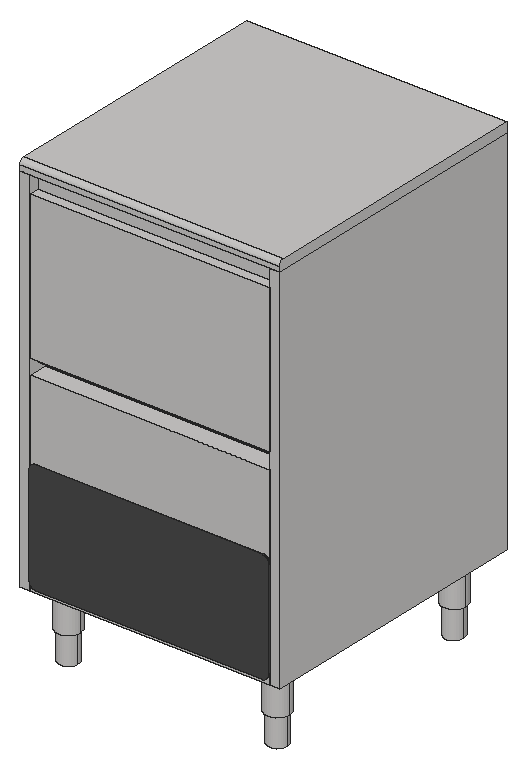
Revit family "QF_ZANUSSI_730322_ICB55I25SDP", category Attrezzature speciali, Revit 2018
Family settings
  Quota connettore circolare = Usa diametro
  Tipo di parte = Normale
  Basato su piano di lavoro = No
  Sempre verticale = Sì
  Taglio con vuoti quando caricato = No
  Condiviso = No
  Punto di calcolo locali = No
Parameters (values of type "Standard")
  Weight = 56.00 kg
  Watts = 0 W
  Volts = 220 V
  URL Manufacturer = "http://www.zanussiprofessional.com"
  URL = "http://www.zanussiprofessional.com"
  Steam Supply Size = 0 mm
  Steam Supply Minimum Pressure = 0.0 Pa
  Steam Supply Maximum Pressure = 0.0 Pa
  Steam Pounds per Hour = 0
  Show Logo [instance] = yes
  Show Clearance [instance] = yes
  Refrigeration Suction Line Size = 0 mm
  Refrigeration Liquid Line Size = 0 mm
  Refrigerant Compressor Remote = yes
  Produttore = "Zanussi"
  Phase = 1
  Modello = "ICB55I25SDP"
  Length Actual = 535 mm  # constant formula
  Item Number = "730322"
  Hot Water Size = 0 mm
  Height Actual = 894 mm  # constant formula
  HP = "0 HP"
  Gas Size = 0 mm
  Gas KW = 0
  Gas Input Pressure = 0 W
  Descrizione = "AIR COOLED ICE CUBER 22GR 55KG/24H-BIN 25KG DRAIN PUMP"
  Depth Actual = 595 mm  # constant formula
  Cycle = 50 Hz
  Condensate Return Size = 0 mm
  Compressed Air Volume = 0.0 L/s
  Compressed Air Size = 0 mm
  Compressed Air Pressure = 0.0 Pa
  Cold Water Size = 19.05 mm
  Accessory = yes
Reference planes
  plane 1 "Center X": y = 272.851
  plane 2: z = 0
  plane 3 "Center Y": x = -501.5
  plane 4 "LEFT": x = -769
  plane 5 "RIGHT": x = -234
  plane 6 "FRONT": y = -19.649
  plane 7 "BACK": y = 565.351
  plane 8: z = 143
  plane 9: z = 932
  plane 10: z = 912
  plane 11: x = -749
  plane 12: x = -254
  plane 13: y = 20.351
Forms (mm)
  Extrusion 1, solid, material "QF_Finishes_Black"
    sketch origin (-217.296, -19.649, 371.513) x (-1, 0, 0) y (0, 0, -1)
      loop
        arc (516.704, -9.487) -> (527.311, -5.093) -> (531.704, 5.513) r 15
        line (531.704, 5.513) -> (531.704, 206.469)
        arc (531.704, 206.469) -> (527.311, 217.075) -> (516.704, 221.469) r 15
        line (516.704, 221.469) -> (51.704, 221.469)
        arc (51.704, 221.469) -> (41.097, 217.075) -> (36.704, 206.469) r 15
        line (36.704, 206.469) -> (36.704, 5.513)
        arc (36.704, 5.513) -> (41.097, -5.093) -> (51.704, -9.487) r 15
        line (51.704, -9.487) -> (516.704, -9.487)
    from 0 to 2
  Extrusion 2, solid, material "QF_Finishes_Stainless Steel"
    sketch origin (-501.5, 0, 0) x (0, 1, 0) y (0, 0, 1)
      loop
        line (565.351, 912) -> (565.351, 932) -> (-9.649, 932)
        arc (-9.649, 932) -> (-16.72, 929.071) -> (-19.649, 922) r 10
        line (-19.649, 922) -> (-19.649, 912) -> (565.351, 912)
    from -267.5 to 267.5
  Extrusion 3, solid, material "QF_Finishes_Stainless Steel"
    sketch origin (-354.7, 565.351, -329.545) x (1, 0, 0) y (0, 0, -1)
      loop
        circle (53.2, -643.545) r 10
    from 0 to 10
  Extrusion 4, solid, material "QF_Finishes_Stainless Steel"
    sketch origin (0, 0, 0) x (1, 0, 0) y (0, 1, 0)
      loop
        line (-769, 565.351) -> (-769, -19.649) -> (-749, -19.649) -> (-749, 565.351) -> (-769, 565.351)
    from 143 to 912
  Extrusion 5, solid, material "QF_Finishes_Stainless Steel"
    sketch origin (0, 0, 0) x (1, 0, 0) y (0, 1, 0)
      loop
        line (-254, 565.351) -> (-254, -19.649) -> (-234, -19.649) -> (-234, 565.351) -> (-254, 565.351)
    from 143 to 912
  Extrusion 6, solid, material "QF_Finishes_Stainless Steel"
    sketch origin (0, 0, 0) x (1, 0, 0) y (0, 1, 0)
      loop
        line (-749, 565.351) -> (-749, 20.351) -> (-254, 20.351) -> (-254, 565.351) -> (-749, 565.351)
    from 143 to 912
  Extrusion 7, solid, material "QF_Finishes_Stainless Steel"
    sketch origin (0, 0, 0) x (1, 0, 0) y (0, 1, 0)
      loop
        line (-749, -19.649) -> (-254, -19.649) -> (-254, 20.351) -> (-749, 20.351) -> (-749, -19.649)
    from 143 to 541.146
  Extrusion 8, solid, material "QF_Finishes_Stainless Steel"
    sketch origin (-501.5, 0, 0) x (0, 1, 0) y (0, 0, 1)
      loop
        line (20.351, 912) -> (0.351, 912) -> (0.351, 876) -> (-19.649, 876) -> (-19.649, 572.768) -> (0.351, 572.768) -> (0.351, 557) -> (20.351, 557) -> (20.351, 912)
    from -247.5 to 247.5
  Extrusion 9, solid, material "QF_Finishes_Stainless Steel"
    sketch origin (-337.2, 565.351, -440.545) x (1, 0, 0) y (0, 0, -1)
      loop
        circle (53.2, -643.545) r 10
    from 0 to 10
  Extrusion 10, solid, material "QF_Finishes_Stainless Steel"
    sketch origin (-397.7, 565.351, -361.545) x (1, 0, 0) y (0, 0, -1)
      loop
        circle (53.2, -643.545) r 10
    from 0 to 10
Lines and regions (mm)
  Split face 1
    outline origin (-501.5, 0.351, 912) x (0, 0, -1) y (1, 0, 0)
      loop
        line (5.715, 124.928) -> (30.715, 124.928) -> (30.715, 164.928) -> (5.715, 164.928) -> (5.715, 124.928)
  symbolic lines
    curve 1: line (-769, 565.351, 0) -> (-234, 565.351, 0)
    curve 2: line (-769, -19.649, 0) -> (-769, 565.351, 0)
    curve 3: line (-234, -19.649, 0) -> (-769, -19.649, 0)
    curve 4: line (-234, 565.351, 0) -> (-234, -19.649, 0)
Dimensions and locks
  equal spacing: plane 4 "LEFT", plane 3 "Center Y", plane 5 "RIGHT"
  plane 4 "LEFT" to plane 5 "RIGHT" = 535 mm
  equal spacing: plane 7 "BACK", plane 1 "Center X", plane 6 "FRONT"
  plane 7 "BACK" to plane 6 "FRONT" = 585 mm
  plane 8 to plane 2 = 143 mm
  plane 9 to plane 8 = 789 mm
  locked: plane 4 "LEFT" to plane 11 at 20
  locked: plane 12 to plane 5 "RIGHT" at 20
  locked: plane 9 to plane 10 at 20
  locked: plane 13 to plane 6 "FRONT" at 40
  aligned and locked: level to plane 2
  aligned and locked: plane 5 "RIGHT" to Extrusion 2
  aligned and locked: Extrusion 2 to plane 4 "LEFT"
  aligned and locked: Extrusion 4 sketch curve to Extrusion 2  (x2)
  aligned and locked: plane 6 "FRONT" to Extrusion 4 sketch curve
  aligned and locked: Extrusion 4 sketch curve to plane 11
  aligned and locked: Extrusion 5 sketch curve to plane 7 "BACK"
  aligned and locked: plane 12 to Extrusion 5 sketch curve
  aligned and locked: Extrusion 5 sketch curve to Extrusion 2  (x2)
  aligned and locked: plane 10 to Extrusion 4
  aligned and locked: plane 10 to Extrusion 5
  aligned and locked: Extrusion 4 to plane 8
  aligned and locked: Extrusion 5 to plane 8
  aligned and locked: Extrusion 6 sketch curve to Extrusion 4
  aligned and locked: Extrusion 4 to Extrusion 6 sketch curve
  aligned and locked: plane 13 to Extrusion 6 sketch curve
  aligned and locked: Extrusion 6 sketch curve to plane 12
  aligned and locked: plane 10 to Extrusion 6
  aligned and locked: Extrusion 6 to plane 8
  aligned and locked: Extrusion 4 to Extrusion 7 sketch curve
  aligned and locked: Extrusion 7 sketch curve to Extrusion 4
  aligned and locked: plane 13 to Extrusion 7 sketch curve
  aligned and locked: plane 12 to Extrusion 7 sketch curve
  aligned and locked: Extrusion 7 to plane 8
  aligned and locked: plane 12 to Extrusion 8
  aligned and locked: Extrusion 8 to plane 11
Automatic sketch dimensions
  curve 3 to plane 4 "LEFT" = 0 mm
  curve 3 to plane 5 "RIGHT" = 0 mm
  curve 3 to plane 6 "FRONT" = 0 mm
  curve 2 to plane 7 "BACK" = 0 mm
  Extrusion 1 sketch curve to plane 12 = 0 mm
  plane 8 to Extrusion 1 sketch curve = 7.044 mm
  Extrusion 1 sketch curve to Extrusion 1 sketch curve = 15 mm  (x3)
  plane 11 to Extrusion 1 sketch curve = 15 mm  (x2)
  Extrusion 1 sketch curve to Extrusion 1 sketch curve = 200.956 mm
  Extrusion 2 sketch curve to plane 6 "FRONT" = 0 mm
  Extrusion 2 sketch curve to plane 9 = 0 mm
  Extrusion 2 sketch curve to plane 7 "BACK" = 0 mm
  Extrusion 2 sketch curve to plane 10 = 0 mm
  plane 6 "FRONT" to Extrusion 2 sketch curve = 10 mm
  Extrusion 6 to Extrusion 3 sketch curve = 171 mm
  Extrusion 3 sketch curve to Extrusion 6 = 47.5 mm
  Extrusion 8 sketch curve to plane 6 "FRONT" = 0 mm
  Extrusion 8 sketch curve to plane 10 = 0 mm
  Extrusion 8 sketch curve to plane 13 = 0 mm
  plane 6 "FRONT" to Extrusion 8 sketch curve = 20 mm  (x2)
  Extrusion 8 sketch curve to plane 10 = 36 mm
  Extrusion 8 sketch curve to Extrusion 8 sketch curve = 303.232 mm
  Extrusion 8 sketch curve to Extrusion 8 sketch curve = 15.768 mm
  Split face 1 sketch curve to Extrusion 8 = 5.715 mm
  Extrusion 8 to Split face 1 sketch curve = 5.285 mm
  Split face 1 sketch curve to Extrusion 8 = 122.572 mm
  Split face 1 sketch curve to Split face 1 sketch curve = 40 mm
  Extrusion 9 sketch curve to Extrusion 6 = 30 mm
  Extrusion 6 to Extrusion 9 sketch curve = 60 mm
  Extrusion 10 sketch curve to Extrusion 6 = 90.5 mm
  Extrusion 6 to Extrusion 10 sketch curve = 139 mm
  radius of Extrusion 3 sketch curve = 10 mm
  radius of Extrusion 9 sketch curve = 10 mm
  radius of Extrusion 10 sketch curve = 10 mm
Nested families
  nested 1: "Foot_Complete" at (-717, 40.351, 0), type "Foot_Complete"
    with H 143 mm
  nested 2: "Foot_Complete" at (-286, 40.351, 0) x (-1, 0, 0) z (0, 0, 1), type "Foot_Complete"
    with H 143 mm
  nested 3: "Foot_Complete" at (-717, 494.351, 0), type "Foot_Complete"
    with H 143 mm
  nested 4: "Foot_Complete" at (-286, 494.351, 0) x (-1, 0, 0) z (0, 0, 1), type "Foot_Complete"
    with H 143 mm
Connectors
  electrical at (-284, 575.351, 203), driven by "Volts"
    settings: on Extrusion 9, index 1, voltage 220 V, apparent load 0 VA, apparent load phase1 0 VA, apparent load phase2 0 VA, apparent load phase3 0 VA, power factor 1, load classification "Altro", number of poles 1, system type 30, power factor state 1, is connector primary yes, connector utility no, sub classification motor no, connector description "Electrical Connection"
  piping at (-301.5, 575.351, 314), diameter 20
    settings: on Extrusion 3, index 2, connector inside diameter 609.6 mm, connector length 0 mm, flow factor 0, pipe flow 0.0 L/s, pressure drop 0.0 Pa, fitting loss kfactor 0, connector angle 0.00°, fixture units 0, engagement length 0 mm, angle of deflection 0.00°, flow configuration 0, flow direction 0, fitting loss method 0, system type 20, joint type 0, gender type 0, connector reference index -1, connector utility 0, adjustable connector no, is connector primary yes, connector description "Cold water"
  piping at (-344.5, 575.351, 282), diameter 20
    settings: on Extrusion 10, index 3, connector inside diameter 609.6 mm, connector length 0 mm, flow factor 0, pipe flow 0.0 L/s, pressure drop 0.0 Pa, fitting loss kfactor 0, connector angle 0.00°, fixture units 0, engagement length 0 mm, angle of deflection 0.00°, flow configuration 0, flow direction 0, fitting loss method 0, system type 16, joint type 0, gender type 0, connector reference index -1, connector utility 0, adjustable connector no, is connector primary no, connector description "Drain"
Definition of nested family "Foot_Complete"
  Parameters (values of type "Foot_Complete")
    R = 25 mm
    H = 153 mm
  Reference planes
    plane 1 "Centro (Fronte/Retro)": y = 0
    plane 2: z = 0
    plane 3 "Centro (Sinistra/Destra)": x = 0
    plane 4: z = 153
  Forms (mm)
    Revolve 1, solid
      sketch origin (255.05, 0, 608.09) x (0, 0, 1) y (-1, 0, 0)
        loop
          line (-608.09, 255.05) -> (-608.09, 235.05) -> (-548.09, 235.05) -> (-548.09, 230.05) -> (-455.09, 230.05) -> (-455.09, 255.05) -> (-608.09, 255.05)
        axis (-608.09, 255.05) -> (-455.09, 255.05)
      angle from 0 to 360
  Dimensions and locks
    level to Revolve 1 sketch curve = 60 mm
    "R": Revolve 1 sketch curve to plane 3 "Centro (Sinistra/Destra)"
    "H": plane 4 to level
    aligned and locked: level to plane 2
    aligned and locked: plane 4 to Revolve 1 sketch curve
    aligned and locked: Revolve 1 sketch curve to level
    aligned and locked: plane 3 "Centro (Sinistra/Destra)" to Revolve 1 sketch curve
  Automatic sketch dimensions
    Revolve 1 sketch curve to plane 3 "Centro (Sinistra/Destra)" = 0 mm
    plane 3 "Centro (Sinistra/Destra)" to Revolve 1 sketch curve = 20 mm
    Revolve 1 sketch curve to Revolve 1 sketch curve = 50 mm
    Revolve 1 sketch curve to Revolve 1 sketch curve = 20 mm
